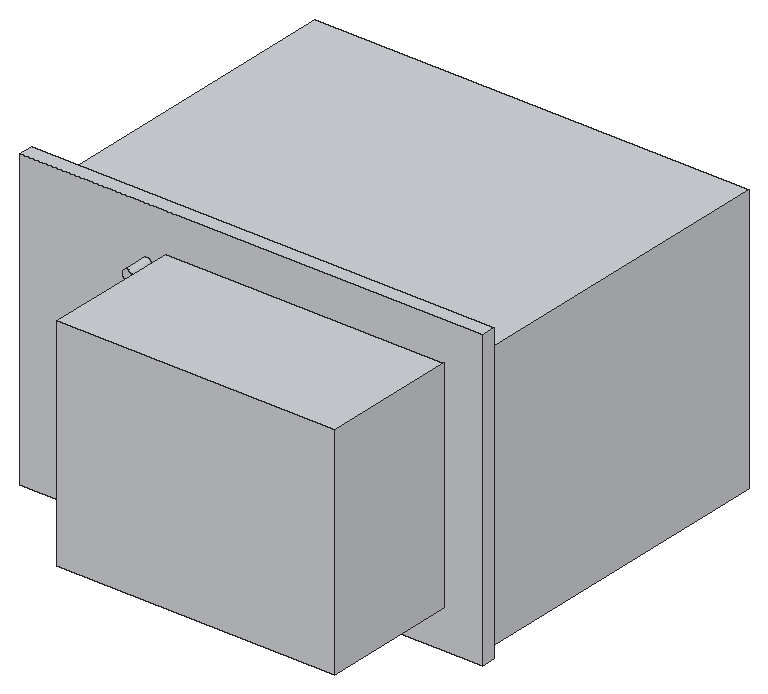
Revit family "732bab297b7449049584c98ee8f609b6", category Duct Accessories, host Face, Revit 2021
Family settings
  Host = Face
  Round Connector Dimension = Use Radius
  Part Type = Attaches To
  OmniClass Number = 23.75.50.17.21
  OmniClass Title = Air Humidifiers
  Seek Item ID = Humidifier - Steam - High Capacity-0000-USA-ENU
  Cut with Voids When Loaded = No
  Shared = No
Parameters (values of type "13 GPD")
  Water Radius = Water Diameter / 2  # 1/8"
  Water Diameter = 1/4"
  Voltage = 120 V
  Panel Width = 0' - 3 1/2"
  Panel Length = Humidifier Length * 0.6  # 0' - 7 1/8"
  Panel Height = Humidifier Height - 0' 2"  # 0' - 5 5/8"
  Overflow Radius = 1 / 2 * Overflow Diameter  # 3/16"
  Overflow Diameter = 3/8"
  Number of Poles = 1
  Load Classification = Cooling
  Humidifier Width = 0' - 9"
  Humidifier Material = none
  Humidifier Length = 0' - 11 7/8"
  Humidifier Height = 0' - 7 5/8"
  Drain Radius = Drain Diameter / 2  # 3/16"
  Drain Flow [instance] = 0 GPM
  Drain Diameter = 3/8"
  Default Elevation = 9' - 0"
  Apparent Load = 1500 VA
Reference planes (in)
  plane 1 "Center (Front/Back)": y = 0
  plane 2: z = 0
  plane 3 "Center (Left/Right)": x = 0
  plane 4: x = 5.9375
  plane 5: x = -5.9375
  plane 6: x = 5.9375
  plane 7: y = 4.3125
  plane 8: y = -4.6875
  plane 9: y = -4.3125
  plane 10: x = -5.5625
  plane 11: x = 5.5625
  plane 12: z = 7.625
  plane 13: z = 6.875
  plane 14: x = -3.8125
  plane 15: z = 4.875
  plane 16: z = 1
  plane 17: z = 3.8125
  plane 18: z = 6.625
  plane 19: x = 4.9375
  plane 20: x = -2.1875
  plane 21: x = -2.6875
  plane 22: z = 6.25
  plane 23: y = -5.3125
  plane 24: y = -8.1875
Forms (in)
  Extrusion 1, solid
    sketch origin (0, 0, 0) x (1, 0, 0) y (0, 1, 0)
      loop
        line (-5.5625, 4.3125) -> (-5.5625, -4.3125) -> (5.5625, -4.3125) -> (5.5625, 4.3125) -> (-5.5625, 4.3125)
    from 0 to 6.875
  Extrusion 2, solid
    sketch origin (0, 0, 0) x (1, 0, 0) y (0, 1, 0)
      loop
        line (-5.9375, -4.3125) -> (-5.9375, -4.6875) -> (5.9375, -4.6875) -> (5.9375, -4.3125) -> (-5.9375, -4.3125)
    from 0 to 7.625
  Extrusion 3, solid
    sketch origin (0, 0, 0) x (1, 0, 0) y (0, 0, 1)
      loop
        circle (-3.8125, 4.875) r 0.1875
      loop
        circle (-3.8125, 1) r 0.1875
      loop
        circle (-2.6875, 6.25) r 0.125
    from 4.6875 to 5.3125
  Extrusion 4, solid
    sketch origin (0, 0, 0) x (1, 0, 0) y (0, 0, 1)
      loop
        line (-2.1875, 6.625) -> (-2.1875, 1) -> (4.9375, 1) -> (4.9375, 6.625) -> (-2.1875, 6.625)
    from 4.6875 to 8.1875
Dimensions and locks (in)
  "Humidifier Length": plane 5 to plane 6
  "Humidifier Width": plane 7 to plane 8
  locked: plane 9 to plane 8 at 0.375
  locked: plane 5 to plane 10 at 0.375
  locked: plane 11 to plane 6 at 0.375
  equal spacing: plane 7, plane 1 "Center (Front/Back)", plane 9
  equal spacing: plane 5, plane 3 "Center (Left/Right)", plane 6
  "Humidifier Height": plane 12 to plane 2
  locked: plane 12 to plane 13 at 0.75
  locked: plane 14 to plane 5 at 2.125
  locked: plane 13 to plane 15 at 2
  equal spacing: plane 12, plane 17, plane 2
  equal spacing: plane 18, plane 17, plane 16
  "Panel Height": plane 18 to plane 16
  locked: plane 6 to plane 19 at 1
  "Panel Length": plane 19 to plane 20
  locked: plane 20 to plane 21 at 0.5
  locked: plane 18 to plane 22 at 0.375
  locked: plane 8 to plane 23 at 0.625
  locked: plane 8 to plane 24 at 3.5
  "Overflow Radius": radius of Extrusion 3 sketch curve
  "Drain Radius": radius of Extrusion 3 sketch curve
  "Water Radius": radius of Extrusion 3 sketch curve
  aligned and locked: plane 2 to host face
  aligned and locked: level to host face
  aligned and locked: plane 10 to Extrusion 1 sketch curve
  aligned and locked: Extrusion 1 sketch curve to plane 7
  aligned and locked: plane 9 to Extrusion 1 sketch curve
  aligned and locked: Extrusion 1 sketch curve to plane 11
  aligned and locked: plane 13 to Extrusion 1
  aligned and locked: Extrusion 1 to plane 2
  aligned and locked: plane 5 to Extrusion 2 sketch curve
  aligned and locked: Extrusion 2 sketch curve to plane 9
  aligned and locked: plane 8 to Extrusion 2 sketch curve
  aligned and locked: Extrusion 2 sketch curve to plane 6
  aligned and locked: Extrusion 2 to plane 2
  aligned and locked: plane 12 to Extrusion 2
  aligned and locked: plane 15 to Extrusion 3 sketch curve
  aligned and locked: plane 14 to Extrusion 3 sketch curve  (x2)
  aligned and locked: plane 16 to Extrusion 3 sketch curve
  aligned and locked: plane 20 to Extrusion 4 sketch curve
  aligned and locked: Extrusion 4 sketch curve to plane 18
  aligned and locked: plane 16 to Extrusion 4 sketch curve
  aligned and locked: Extrusion 4 sketch curve to plane 19
  aligned and locked: plane 22 to Extrusion 3 sketch curve
  aligned and locked: plane 21 to Extrusion 3 sketch curve
  aligned and locked: plane 8 to Extrusion 3
  aligned and locked: Extrusion 3 to plane 23
  aligned and locked: plane 8 to Extrusion 4
  aligned and locked: Extrusion 4 to plane 24
Automatic sketch dimensions
  host sketch curve to host sketch curve = 8' - 0"  (x2)
Connectors (in)
  piping at (-2.6875, -5.3125, 6.25), diameter 0.25, driven by "Water Radius"
    settings: on Extrusion 3, index 1, connector inside diameter 1/4", connector length 0' - 0", flow factor 0, pipe flow 0 GPM, pressure drop 0.00 psi, fitting loss kfactor 0, connector angle 0.00°, fixture units 0, engagement length 0' - 0", angle of deflection 0.00°, flow configuration 1, flow direction 1, fitting loss method 0, system type 22, joint type 0, gender type 0, connector reference index -1, connector utility 0, adjustable connector no, is connector primary yes, connector description "Steam In"
  piping at (-3.8125, -5.3125, 1), diameter 0.375, driven by "Drain Flow", driven by "Drain Radius"
    settings: on Extrusion 3, index 2, connector inside diameter 3/8", connector length 0' - 0", flow factor 0, pipe flow 0 GPM, pressure drop 0.00 psi, fitting loss kfactor 0, connector angle 0.00°, fixture units 0, engagement length 0' - 0", angle of deflection 0.00°, flow configuration 1, flow direction 2, fitting loss method 0, system type 16, joint type 0, gender type 0, connector reference index -1, connector utility 0, adjustable connector yes, is connector primary no, connector description "Drain"
  electrical at (1.375, -6.4375, 1), driven by "Number of Poles", driven by "Apparent Load", driven by "Voltage", driven by "Load Classification"
    settings: on Extrusion 4, index 3, voltage 120 V, apparent load 1500 VA, apparent load phase1 0 VA, apparent load phase2 0 VA, apparent load phase3 0 VA, power factor 0.8, load classification "Cooling", number of poles 1, system type 30, power factor state 1, is connector primary yes, connector utility no, sub classification motor no, connector description ""
  hvac at (0, 0, 0)
    settings: on Extrusion 1, index 4, duct flow 0 CFM, flow factor 0, pres drop 0.00 in-wg, loss coef 0, conn angle 0.00°, conn width 11 1/8", conn height 8 5/8", conn diameter 24", duct sys type 1, conn prof type 1, flow config 1, flow direction 2, loss method 0, conn ref index -1, conn util no, is conn primary yes, conn desc ""
